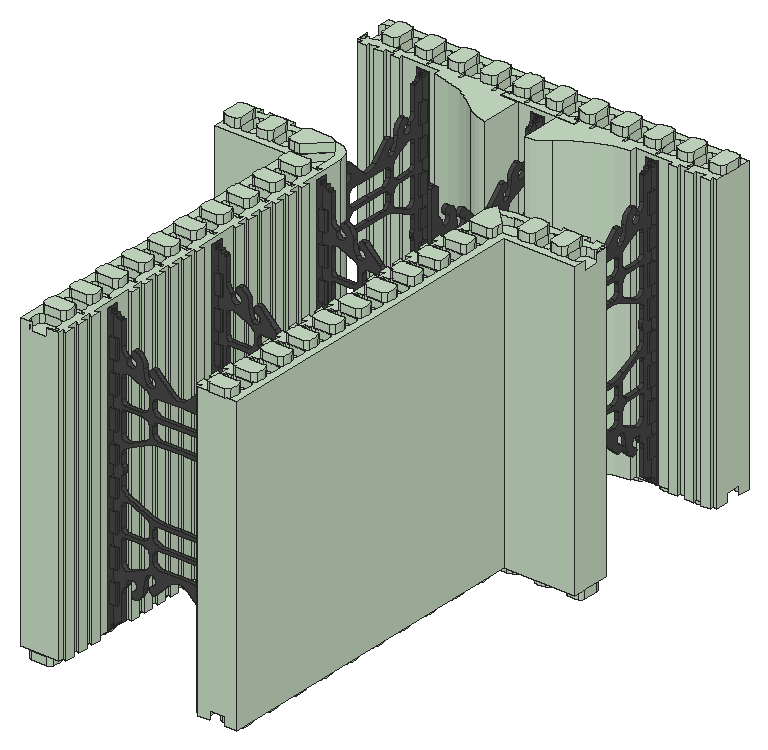
Revit family
Reference planes (in)
  plane 1 "Center (Front/Back)": y = -1
  plane 2: z = 0
  plane 3 "Center (Left/Right)": x = 1
  plane 4: y = 3
  plane 5: y = -5
  plane 6: x = 5
  plane 7: x = -3
  plane 8: z = 18
Forms (in)
  Extrusion 1, solid, material "NUDURA Expanded Polystyrene Foam Insulation"
    sketch origin (0, 0, 0) x (1, 0, 0) y (0, 1, 0)
      loop
        line (-10, 5.625) -> (-10, 3.25) -> (-9.71883, 3.25) -> (-9.78117, 3) -> (-9.21883, 3) -> (-9.28117, 3.25) -> (-8.71883, 3.25) -> (-8.78117, 3) -> (-8.21883, 3) -> (-8.28117, 3.25) -> (-7.71883, 3.25) -> (-7.78117, 3) -> (-7.21883, 3) -> (-7.28117, 3.25) -> (-5, 3.25) -> (-5, 2.875)
        arc (-5, 2.875) -> (-3.12304, 2.37468) -> (-1.50918, 1.29358) r 5.91797
        arc (-1.50918, 1.29358) -> (-0.91296, 0.90605) -> (-0.21883, 0.75162) r 2
        line (-0.21883, 0.75162) -> (-0.21883, 3.25) -> (-1.25, 3.25) -> (-1.25, 3.69867) -> (-1, 3.63633) -> (-1, 4.24332) -> (-1.25, 4.17633) -> (-1.25, 4.69867) -> (-1, 4.63633) -> (-1, 5.24332) -> (-1.25, 5.17633) -> (-1.25, 5.625) -> (-10, 5.625)
      loop
        line (12, 3.25) -> (12, 5.625) -> (3.25, 5.625) -> (3.25, 5.17633) -> (3, 5.24332) -> (3, 4.63633) -> (3.25, 4.69867) -> (3.25, 4.17633) -> (3, 4.24332) -> (3, 3.63633) -> (3.25, 3.69867) -> (3.25, 3.25) -> (2.21883, 3.25) -> (2.21883, 0.75162)
        arc (2.21883, 0.75162) -> (2.91296, 0.90605) -> (3.50918, 1.29358) r 2
        arc (3.50918, 1.29358) -> (5.12304, 2.37468) -> (7, 2.875) r 5.91797
        line (7, 2.875) -> (7, 3.25) -> (9.28117, 3.25) -> (9.21883, 3) -> (9.78117, 3) -> (9.71883, 3.25) -> (10.28117, 3.25) -> (10.21883, 3) -> (10.78117, 3) -> (10.71883, 3.25) -> (11.28117, 3.25) -> (11.21883, 3) -> (11.78117, 3) -> (11.71883, 3.25) -> (12, 3.25)
      loop
        line (-3.25, -27.99998) -> (-3.25, -27.71882) -> (-3, -27.78115) -> (-3, -27.21882) -> (-3.25, -27.28115) -> (-3.25, -26.71882) -> (-3, -26.78115) -> (-3, -26.21882) -> (-3.25, -26.28115) -> (-3.25, -25.71882) -> (-3, -25.78115) -> (-3, -25.21882) -> (-3.25, -25.28115) -> (-3.25, -22.71882) -> (-3, -22.78115) -> (-3, -22.21882) -> (-3.25, -22.28115) -> (-3.25, -21.71882) -> (-3, -21.78115) -> (-3, -21.21882) -> (-3.25, -21.28115) -> (-3.25, -20.71882) -> (-3, -20.78115) -> (-3, -20.21882) -> (-3.25, -20.28115) -> (-3.25, -19.71882) -> (-3, -19.78115) -> (-3, -19.21882) -> (-3.25, -19.28115) -> (-3.25, -18.71882) -> (-3, -18.78115) -> (-3, -18.21882) -> (-3.25, -18.28115) -> (-3.25, -17.71882) -> (-3, -17.78115) -> (-3, -17.21882) -> (-3.25, -17.28115) -> (-3.25, -14.71882) -> (-3, -14.78115) -> (-3, -14.21882) -> (-3.25, -14.28115) -> (-3.25, -13.71882) -> (-3, -13.78115) -> (-3, -13.21882) -> (-3.25, -13.28115) -> (-3.25, -12.71882) -> (-3, -12.78115) -> (-3, -12.21882) -> (-3.25, -12.28115) -> (-3.25, -11.71882) -> (-3, -11.78115) -> (-3, -11.21882) -> (-3.25, -11.28115) -> (-3.25, -10.71882) -> (-3, -10.78115) -> (-3, -10.21882) -> (-3.25, -10.28115) -> (-3.25, -9.71882) -> (-3, -9.78115) -> (-3, -9.21882) -> (-3.25, -9.28115) -> (-3.25, -6.49998)
        arc (-3.25, -6.49998) -> (-3.61612, -5.6161) -> (-4.5, -5.24998) r 1.25
        line (-4.5, -5.24998) -> (-7.28117, -5.24998) -> (-7.21883, -4.99998) -> (-7.78117, -4.99998) -> (-7.71883, -5.24998) -> (-8.28117, -5.24998) -> (-8.21883, -4.99998) -> (-8.78117, -4.99998) -> (-8.71883, -5.24998) -> (-9.28117, -5.24998) -> (-9.21883, -4.99998) -> (-9.78117, -4.99998) -> (-9.71883, -5.24998) -> (-10, -5.24998) -> (-10, -7.62498) -> (-5.625, -7.62498) -> (-5.625, -27.99998) -> (-3.25, -27.99998)
      loop
        line (5.25, -27.99998) -> (7.625, -27.99998) -> (7.625, -7.62498) -> (12, -7.62498) -> (12, -5.24998) -> (11.71883, -5.24998) -> (11.78117, -4.99998) -> (11.21883, -4.99998) -> (11.28117, -5.24998) -> (10.71883, -5.24998) -> (10.78117, -4.99998) -> (10.21883, -4.99998) -> (10.28117, -5.24998) -> (9.71883, -5.24998) -> (9.78117, -4.99998) -> (9.21883, -4.99998) -> (9.28117, -5.24998) -> (6.5, -5.24998)
        arc (6.5, -5.24998) -> (5.61612, -5.6161) -> (5.25, -6.49998) r 1.25
        line (5.25, -6.49998) -> (5.25, -9.28115) -> (5, -9.21882) -> (5, -9.78115) -> (5.25, -9.71882) -> (5.25, -10.28115) -> (5, -10.21882) -> (5, -10.78115) -> (5.25, -10.71882) -> (5.25, -11.28115) -> (5, -11.21882) -> (5, -11.78115) -> (5.25, -11.71882) -> (5.25, -12.28115) -> (5, -12.21882) -> (5, -12.78115) -> (5.25, -12.71882) -> (5.25, -13.28115) -> (5, -13.21882) -> (5, -13.78115) -> (5.25, -13.71882) -> (5.25, -14.28115) -> (5, -14.21882) -> (5, -14.78115) -> (5.25, -14.71882) -> (5.25, -17.28115) -> (5, -17.21882) -> (5, -17.78115) -> (5.25, -17.71882) -> (5.25, -18.28115) -> (5, -18.21882) -> (5, -18.78115) -> (5.25, -18.71882) -> (5.25, -19.28115) -> (5, -19.21882) -> (5, -19.78115) -> (5.25, -19.71882) -> (5.25, -20.28115) -> (5, -20.21882) -> (5, -20.78115) -> (5.25, -20.71882) -> (5.25, -21.28115) -> (5, -21.21882) -> (5, -21.78115) -> (5.25, -21.71882) -> (5.25, -22.28115) -> (5, -22.21882) -> (5, -22.78115) -> (5.25, -22.71882) -> (5.25, -25.28115) -> (5, -25.21882) -> (5, -25.78115) -> (5.25, -25.71882) -> (5.25, -26.28115) -> (5, -26.21882) -> (5, -26.78115) -> (5.25, -26.71882) -> (5.25, -27.28115) -> (5, -27.21882) -> (5, -27.78115) -> (5.25, -27.71882) -> (5.25, -27.99998)
    from 0 to 18
  Extrusion 2, void
    sketch origin (0, -2, 0) x (1, 0, 0) y (0, 1, 0)
      loop
        arc (-5.13595, -25.17306) -> (-5.1875, -25.49998) -> (-5.13595, -25.8269) r 1.0625
        arc (-5.13595, -25.8269) -> (-5.04517, -25.95213) -> (-4.89808, -25.99998) r 0.25
        line (-4.89808, -25.99998) -> (-3.97692, -25.99998)
        arc (-3.97692, -25.99998) -> (-3.88568, -25.98274) -> (-3.80702, -25.93338) r 0.25
        arc (-3.80702, -25.93338) -> (-3.78736, -25.92104) -> (-3.76455, -25.91673) r 0.0625
        line (-3.76455, -25.91673) -> (-3.41845, -25.91673) -> (-3.41845, -25.7459) -> (-3.64005, -25.7459)
        arc (-3.64005, -25.7459) -> (-3.68771, -25.72383) -> (-3.70172, -25.67321) r 0.0625
        arc (-3.70172, -25.67321) -> (-3.69045, -25.4209) -> (-3.73905, -25.17306) r 1.0625
        arc (-3.73905, -25.17306) -> (-3.82983, -25.04783) -> (-3.97692, -24.99998) r 0.25
        line (-3.97692, -24.99998) -> (-4.89808, -24.99998)
        arc (-4.89808, -24.99998) -> (-5.04517, -25.04783) -> (-5.13595, -25.17306) r 0.25
    from 18 to 17.5
  Extrusion 3, void
    sketch origin (0, 0, 0) x (1, 0, 0) y (0, 1, 0)
      loop
        arc (-5.13595, -25.17306) -> (-5.1875, -25.49998) -> (-5.13595, -25.8269) r 1.0625
        arc (-5.13595, -25.8269) -> (-5.04517, -25.95213) -> (-4.89808, -25.99998) r 0.25
        line (-4.89808, -25.99998) -> (-3.97692, -25.99998)
        arc (-3.97692, -25.99998) -> (-3.88568, -25.98274) -> (-3.80702, -25.93338) r 0.25
        arc (-3.80702, -25.93338) -> (-3.78736, -25.92104) -> (-3.76455, -25.91673) r 0.0625
        line (-3.76455, -25.91673) -> (-3.41845, -25.91673) -> (-3.41845, -25.7459) -> (-3.64005, -25.7459)
        arc (-3.64005, -25.7459) -> (-3.68771, -25.72383) -> (-3.70172, -25.67321) r 0.0625
        arc (-3.70172, -25.67321) -> (-3.69045, -25.4209) -> (-3.73905, -25.17306) r 1.0625
        arc (-3.73905, -25.17306) -> (-3.82983, -25.04783) -> (-3.97692, -24.99998) r 0.25
        line (-3.97692, -24.99998) -> (-4.89808, -24.99998)
        arc (-4.89808, -24.99998) -> (-5.04517, -25.04783) -> (-5.13595, -25.17306) r 0.25
    from 18 to 17.5
  Extrusion 4, void
    sketch origin (0, 2, 0) x (1, 0, 0) y (0, 1, 0)
      loop
        arc (-5.13595, -25.17306) -> (-5.1875, -25.49998) -> (-5.13595, -25.8269) r 1.0625
        arc (-5.13595, -25.8269) -> (-5.04517, -25.95213) -> (-4.89808, -25.99998) r 0.25
        line (-4.89808, -25.99998) -> (-3.97692, -25.99998)
        arc (-3.97692, -25.99998) -> (-3.88568, -25.98274) -> (-3.80702, -25.93338) r 0.25
        arc (-3.80702, -25.93338) -> (-3.78736, -25.92104) -> (-3.76455, -25.91673) r 0.0625
        line (-3.76455, -25.91673) -> (-3.41845, -25.91673) -> (-3.41845, -25.7459) -> (-3.64005, -25.7459)
        arc (-3.64005, -25.7459) -> (-3.68771, -25.72383) -> (-3.70172, -25.67321) r 0.0625
        arc (-3.70172, -25.67321) -> (-3.69045, -25.4209) -> (-3.73905, -25.17306) r 1.0625
        arc (-3.73905, -25.17306) -> (-3.82983, -25.04783) -> (-3.97692, -24.99998) r 0.25
        line (-3.97692, -24.99998) -> (-4.89808, -24.99998)
        arc (-4.89808, -24.99998) -> (-5.04517, -25.04783) -> (-5.13595, -25.17306) r 0.25
    from 18 to 17.5
  Extrusion 5, void
    sketch origin (0, 4, 0) x (1, 0, 0) y (0, 1, 0)
      loop
        arc (-5.13595, -25.17306) -> (-5.1875, -25.49998) -> (-5.13595, -25.8269) r 1.0625
        arc (-5.13595, -25.8269) -> (-5.04517, -25.95213) -> (-4.89808, -25.99998) r 0.25
        line (-4.89808, -25.99998) -> (-3.97692, -25.99998)
        arc (-3.97692, -25.99998) -> (-3.88568, -25.98274) -> (-3.80702, -25.93338) r 0.25
        arc (-3.80702, -25.93338) -> (-3.78736, -25.92104) -> (-3.76455, -25.91673) r 0.0625
        line (-3.76455, -25.91673) -> (-3.41845, -25.91673) -> (-3.41845, -25.7459) -> (-3.64005, -25.7459)
        arc (-3.64005, -25.7459) -> (-3.68771, -25.72383) -> (-3.70172, -25.67321) r 0.0625
        arc (-3.70172, -25.67321) -> (-3.69045, -25.4209) -> (-3.73905, -25.17306) r 1.0625
        arc (-3.73905, -25.17306) -> (-3.82983, -25.04783) -> (-3.97692, -24.99998) r 0.25
        line (-3.97692, -24.99998) -> (-4.89808, -24.99998)
        arc (-4.89808, -24.99998) -> (-5.04517, -25.04783) -> (-5.13595, -25.17306) r 0.25
    from 18 to 17.5
  Extrusion 6, void
    sketch origin (0, 6, 0) x (1, 0, 0) y (0, 1, 0)
      loop
        arc (-5.13595, -25.17306) -> (-5.1875, -25.49998) -> (-5.13595, -25.8269) r 1.0625
        arc (-5.13595, -25.8269) -> (-5.04517, -25.95213) -> (-4.89808, -25.99998) r 0.25
        line (-4.89808, -25.99998) -> (-3.97692, -25.99998)
        arc (-3.97692, -25.99998) -> (-3.88568, -25.98274) -> (-3.80702, -25.93338) r 0.25
        arc (-3.80702, -25.93338) -> (-3.78736, -25.92104) -> (-3.76455, -25.91673) r 0.0625
        line (-3.76455, -25.91673) -> (-3.41845, -25.91673) -> (-3.41845, -25.7459) -> (-3.64005, -25.7459)
        arc (-3.64005, -25.7459) -> (-3.68771, -25.72383) -> (-3.70172, -25.67321) r 0.0625
        arc (-3.70172, -25.67321) -> (-3.69045, -25.4209) -> (-3.73905, -25.17306) r 1.0625
        arc (-3.73905, -25.17306) -> (-3.82983, -25.04783) -> (-3.97692, -24.99998) r 0.25
        line (-3.97692, -24.99998) -> (-4.89808, -24.99998)
        arc (-4.89808, -24.99998) -> (-5.04517, -25.04783) -> (-5.13595, -25.17306) r 0.25
    from 18 to 17.5
  Extrusion 7, void
    sketch origin (0, 8, 0) x (1, 0, 0) y (0, 1, 0)
      loop
        arc (-5.13595, -25.17306) -> (-5.1875, -25.49998) -> (-5.13595, -25.8269) r 1.0625
        arc (-5.13595, -25.8269) -> (-5.04517, -25.95213) -> (-4.89808, -25.99998) r 0.25
        line (-4.89808, -25.99998) -> (-3.97692, -25.99998)
        arc (-3.97692, -25.99998) -> (-3.88568, -25.98274) -> (-3.80702, -25.93338) r 0.25
        arc (-3.80702, -25.93338) -> (-3.78736, -25.92104) -> (-3.76455, -25.91673) r 0.0625
        line (-3.76455, -25.91673) -> (-3.41845, -25.91673) -> (-3.41845, -25.7459) -> (-3.64005, -25.7459)
        arc (-3.64005, -25.7459) -> (-3.68771, -25.72383) -> (-3.70172, -25.67321) r 0.0625
        arc (-3.70172, -25.67321) -> (-3.69045, -25.4209) -> (-3.73905, -25.17306) r 1.0625
        arc (-3.73905, -25.17306) -> (-3.82983, -25.04783) -> (-3.97692, -24.99998) r 0.25
        line (-3.97692, -24.99998) -> (-4.89808, -24.99998)
        arc (-4.89808, -24.99998) -> (-5.04517, -25.04783) -> (-5.13595, -25.17306) r 0.25
    from 18 to 17.5
  Extrusion 8, void
    sketch origin (0, 10, 0) x (1, 0, 0) y (0, 1, 0)
      loop
        arc (-5.13595, -25.17306) -> (-5.1875, -25.49998) -> (-5.13595, -25.8269) r 1.0625
        arc (-5.13595, -25.8269) -> (-5.04517, -25.95213) -> (-4.89808, -25.99998) r 0.25
        line (-4.89808, -25.99998) -> (-3.97692, -25.99998)
        arc (-3.97692, -25.99998) -> (-3.88568, -25.98274) -> (-3.80702, -25.93338) r 0.25
        arc (-3.80702, -25.93338) -> (-3.78736, -25.92104) -> (-3.76455, -25.91673) r 0.0625
        line (-3.76455, -25.91673) -> (-3.41845, -25.91673) -> (-3.41845, -25.7459) -> (-3.64005, -25.7459)
        arc (-3.64005, -25.7459) -> (-3.68771, -25.72383) -> (-3.70172, -25.67321) r 0.0625
        arc (-3.70172, -25.67321) -> (-3.69045, -25.4209) -> (-3.73905, -25.17306) r 1.0625
        arc (-3.73905, -25.17306) -> (-3.82983, -25.04783) -> (-3.97692, -24.99998) r 0.25
        line (-3.97692, -24.99998) -> (-4.89808, -24.99998)
        arc (-4.89808, -24.99998) -> (-5.04517, -25.04783) -> (-5.13595, -25.17306) r 0.25
    from 18 to 17.5
  Extrusion 9, void
    sketch origin (0, 12, 0) x (1, 0, 0) y (0, 1, 0)
      loop
        arc (-5.13595, -25.17306) -> (-5.1875, -25.49998) -> (-5.13595, -25.8269) r 1.0625
        arc (-5.13595, -25.8269) -> (-5.04517, -25.95213) -> (-4.89808, -25.99998) r 0.25
        line (-4.89808, -25.99998) -> (-3.97692, -25.99998)
        arc (-3.97692, -25.99998) -> (-3.88568, -25.98274) -> (-3.80702, -25.93338) r 0.25
        arc (-3.80702, -25.93338) -> (-3.78736, -25.92104) -> (-3.76455, -25.91673) r 0.0625
        line (-3.76455, -25.91673) -> (-3.41845, -25.91673) -> (-3.41845, -25.7459) -> (-3.64005, -25.7459)
        arc (-3.64005, -25.7459) -> (-3.68771, -25.72383) -> (-3.70172, -25.67321) r 0.0625
        arc (-3.70172, -25.67321) -> (-3.69045, -25.4209) -> (-3.73905, -25.17306) r 1.0625
        arc (-3.73905, -25.17306) -> (-3.82983, -25.04783) -> (-3.97692, -24.99998) r 0.25
        line (-3.97692, -24.99998) -> (-4.89808, -24.99998)
        arc (-4.89808, -24.99998) -> (-5.04517, -25.04783) -> (-5.13595, -25.17306) r 0.25
    from 18 to 17.5
  Extrusion 10, void
    sketch origin (0, 14, 0) x (1, 0, 0) y (0, 1, 0)
      loop
        arc (-5.13595, -25.17306) -> (-5.1875, -25.49998) -> (-5.13595, -25.8269) r 1.0625
        arc (-5.13595, -25.8269) -> (-5.04517, -25.95213) -> (-4.89808, -25.99998) r 0.25
        line (-4.89808, -25.99998) -> (-3.97692, -25.99998)
        arc (-3.97692, -25.99998) -> (-3.88568, -25.98274) -> (-3.80702, -25.93338) r 0.25
        arc (-3.80702, -25.93338) -> (-3.78736, -25.92104) -> (-3.76455, -25.91673) r 0.0625
        line (-3.76455, -25.91673) -> (-3.41845, -25.91673) -> (-3.41845, -25.7459) -> (-3.64005, -25.7459)
        arc (-3.64005, -25.7459) -> (-3.68771, -25.72383) -> (-3.70172, -25.67321) r 0.0625
        arc (-3.70172, -25.67321) -> (-3.69045, -25.4209) -> (-3.73905, -25.17306) r 1.0625
        arc (-3.73905, -25.17306) -> (-3.82983, -25.04783) -> (-3.97692, -24.99998) r 0.25
        line (-3.97692, -24.99998) -> (-4.89808, -24.99998)
        arc (-4.89808, -24.99998) -> (-5.04517, -25.04783) -> (-5.13595, -25.17306) r 0.25
    from 18 to 17.5
  Extrusion 11, void
    sketch origin (0, 16, 0) x (1, 0, 0) y (0, 1, 0)
      loop
        arc (-5.13595, -25.17306) -> (-5.1875, -25.49998) -> (-5.13595, -25.8269) r 1.0625
        arc (-5.13595, -25.8269) -> (-5.04517, -25.95213) -> (-4.89808, -25.99998) r 0.25
        line (-4.89808, -25.99998) -> (-3.97692, -25.99998)
        arc (-3.97692, -25.99998) -> (-3.88568, -25.98274) -> (-3.80702, -25.93338) r 0.25
        arc (-3.80702, -25.93338) -> (-3.78736, -25.92104) -> (-3.76455, -25.91673) r 0.0625
        line (-3.76455, -25.91673) -> (-3.41845, -25.91673) -> (-3.41845, -25.7459) -> (-3.64005, -25.7459)
        arc (-3.64005, -25.7459) -> (-3.68771, -25.72383) -> (-3.70172, -25.67321) r 0.0625
        arc (-3.70172, -25.67321) -> (-3.69045, -25.4209) -> (-3.73905, -25.17306) r 1.0625
        arc (-3.73905, -25.17306) -> (-3.82983, -25.04783) -> (-3.97692, -24.99998) r 0.25
        line (-3.97692, -24.99998) -> (-4.89808, -24.99998)
        arc (-4.89808, -24.99998) -> (-5.04517, -25.04783) -> (-5.13595, -25.17306) r 0.25
    from 18 to 17.5
  Extrusion 12, void
    sketch origin (0, -2, 0) x (1, 0, 0) y (0, 1, 0)
      loop
        line (-5.1875, -5.18748) -> (-5.1875, -5.49998)
        arc (-5.1875, -5.49998) -> (-5.17453, -5.66546) -> (-5.13595, -5.8269) r 1.0625
        arc (-5.13595, -5.8269) -> (-5.04517, -5.95213) -> (-4.89808, -5.99998) r 0.25
        line (-4.89808, -5.99998) -> (-3.97692, -5.99998)
        arc (-3.97692, -5.99998) -> (-3.88568, -5.98274) -> (-3.80702, -5.93338) r 0.25
        arc (-3.80702, -5.93338) -> (-3.78736, -5.92104) -> (-3.76455, -5.91673) r 0.0625
        line (-3.76455, -5.91673) -> (-3.41845, -5.91673) -> (-3.41845, -5.7459) -> (-3.64005, -5.7459)
        arc (-3.64005, -5.7459) -> (-3.68771, -5.72383) -> (-3.70172, -5.67321) r 0.0625
        arc (-3.70172, -5.67321) -> (-3.69106, -5.58689) -> (-3.6875, -5.49998) r 1.0625
        line (-3.6875, -5.49998) -> (-3.6875, -4.68748)
        arc (-3.6875, -4.68748) -> (-3.76362, -4.3048) -> (-3.98039, -3.98037) r 1
        line (-3.98039, -3.98037) -> (-5.1875, -5.18748)
    from 18 to 17.5
  Extrusion 13, void
    sketch origin (-31.99998, -1.99998, 0) x (0, 1, 0) y (-1, 0, 0)
      loop
        arc (-5.13595, -25.17306) -> (-5.1875, -25.49998) -> (-5.13595, -25.8269) r 1.0625
        arc (-5.13595, -25.8269) -> (-5.04517, -25.95213) -> (-4.89808, -25.99998) r 0.25
        line (-4.89808, -25.99998) -> (-3.97692, -25.99998)
        arc (-3.97692, -25.99998) -> (-3.88568, -25.98274) -> (-3.80702, -25.93338) r 0.25
        arc (-3.80702, -25.93338) -> (-3.78736, -25.92104) -> (-3.76455, -25.91673) r 0.0625
        line (-3.76455, -25.91673) -> (-3.41845, -25.91673) -> (-3.41845, -25.7459) -> (-3.64005, -25.7459)
        arc (-3.64005, -25.7459) -> (-3.68771, -25.72383) -> (-3.70172, -25.67321) r 0.0625
        arc (-3.70172, -25.67321) -> (-3.69045, -25.4209) -> (-3.73905, -25.17306) r 1.0625
        arc (-3.73905, -25.17306) -> (-3.82983, -25.04783) -> (-3.97692, -24.99998) r 0.25
        line (-3.97692, -24.99998) -> (-4.89808, -24.99998)
        arc (-4.89808, -24.99998) -> (-5.04517, -25.04783) -> (-5.13595, -25.17306) r 0.25
    from 18 to 17.5
  Extrusion 14, void
    sketch origin (-33.99998, -1.99998, 0) x (0, 1, 0) y (-1, 0, 0)
      loop
        arc (-5.13595, -25.17306) -> (-5.1875, -25.49998) -> (-5.13595, -25.8269) r 1.0625
        arc (-5.13595, -25.8269) -> (-5.04517, -25.95213) -> (-4.89808, -25.99998) r 0.25
        line (-4.89808, -25.99998) -> (-3.97692, -25.99998)
        arc (-3.97692, -25.99998) -> (-3.88568, -25.98274) -> (-3.80702, -25.93338) r 0.25
        arc (-3.80702, -25.93338) -> (-3.78736, -25.92104) -> (-3.76455, -25.91673) r 0.0625
        line (-3.76455, -25.91673) -> (-3.41845, -25.91673) -> (-3.41845, -25.7459) -> (-3.64005, -25.7459)
        arc (-3.64005, -25.7459) -> (-3.68771, -25.72383) -> (-3.70172, -25.67321) r 0.0625
        arc (-3.70172, -25.67321) -> (-3.69045, -25.4209) -> (-3.73905, -25.17306) r 1.0625
        arc (-3.73905, -25.17306) -> (-3.82983, -25.04783) -> (-3.97692, -24.99998) r 0.25
        line (-3.97692, -24.99998) -> (-4.89808, -24.99998)
        arc (-4.89808, -24.99998) -> (-5.04517, -25.04783) -> (-5.13595, -25.17306) r 0.25
    from 18 to 17.5
  Extrusion 15, void
    sketch origin (0, -51.99996, 0) x (1, 0, 0) y (0, 1, 0)
      loop
        arc (-5.13595, 25.17306) -> (-5.04517, 25.04783) -> (-4.89808, 24.99998) r 0.25
        line (-4.89808, 24.99998) -> (-3.97692, 24.99998)
        arc (-3.97692, 24.99998) -> (-3.82983, 25.04783) -> (-3.73905, 25.17306) r 0.25
        arc (-3.73905, 25.17306) -> (-3.69045, 25.4209) -> (-3.70172, 25.67321) r 1.0625
        arc (-3.70172, 25.67321) -> (-3.68771, 25.72383) -> (-3.64005, 25.7459) r 0.0625
        line (-3.64005, 25.7459) -> (-3.41845, 25.7459) -> (-3.41845, 25.91673) -> (-3.76455, 25.91673)
        arc (-3.76455, 25.91673) -> (-3.78736, 25.92104) -> (-3.80702, 25.93338) r 0.0625
        arc (-3.80702, 25.93338) -> (-3.88568, 25.98274) -> (-3.97692, 25.99998) r 0.25
        line (-3.97692, 25.99998) -> (-4.89808, 25.99998)
        arc (-4.89808, 25.99998) -> (-5.04517, 25.95213) -> (-5.13595, 25.8269) r 0.25
        arc (-5.13595, 25.8269) -> (-5.1875, 25.49998) -> (-5.13595, 25.17306) r 1.0625
    from 0 to 0.5
  Extrusion 16, void
    sketch origin (0, -49.99996, 0) x (1, 0, 0) y (0, 1, 0)
      loop
        arc (-5.13595, 25.17306) -> (-5.04517, 25.04783) -> (-4.89808, 24.99998) r 0.25
        line (-4.89808, 24.99998) -> (-3.97692, 24.99998)
        arc (-3.97692, 24.99998) -> (-3.82983, 25.04783) -> (-3.73905, 25.17306) r 0.25
        arc (-3.73905, 25.17306) -> (-3.69045, 25.4209) -> (-3.70172, 25.67321) r 1.0625
        arc (-3.70172, 25.67321) -> (-3.68771, 25.72383) -> (-3.64005, 25.7459) r 0.0625
        line (-3.64005, 25.7459) -> (-3.41845, 25.7459) -> (-3.41845, 25.91673) -> (-3.76455, 25.91673)
        arc (-3.76455, 25.91673) -> (-3.78736, 25.92104) -> (-3.80702, 25.93338) r 0.0625
        arc (-3.80702, 25.93338) -> (-3.88568, 25.98274) -> (-3.97692, 25.99998) r 0.25
        line (-3.97692, 25.99998) -> (-4.89808, 25.99998)
        arc (-4.89808, 25.99998) -> (-5.04517, 25.95213) -> (-5.13595, 25.8269) r 0.25
        arc (-5.13595, 25.8269) -> (-5.1875, 25.49998) -> (-5.13595, 25.17306) r 1.0625
    from 0 to 0.5
  Extrusion 17, void
    sketch origin (0, -47.99996, 0) x (1, 0, 0) y (0, 1, 0)
      loop
        arc (-5.13595, 25.17306) -> (-5.04517, 25.04783) -> (-4.89808, 24.99998) r 0.25
        line (-4.89808, 24.99998) -> (-3.97692, 24.99998)
        arc (-3.97692, 24.99998) -> (-3.82983, 25.04783) -> (-3.73905, 25.17306) r 0.25
        arc (-3.73905, 25.17306) -> (-3.69045, 25.4209) -> (-3.70172, 25.67321) r 1.0625
        arc (-3.70172, 25.67321) -> (-3.68771, 25.72383) -> (-3.64005, 25.7459) r 0.0625
        line (-3.64005, 25.7459) -> (-3.41845, 25.7459) -> (-3.41845, 25.91673) -> (-3.76455, 25.91673)
        arc (-3.76455, 25.91673) -> (-3.78736, 25.92104) -> (-3.80702, 25.93338) r 0.0625
        arc (-3.80702, 25.93338) -> (-3.88568, 25.98274) -> (-3.97692, 25.99998) r 0.25
        line (-3.97692, 25.99998) -> (-4.89808, 25.99998)
        arc (-4.89808, 25.99998) -> (-5.04517, 25.95213) -> (-5.13595, 25.8269) r 0.25
        arc (-5.13595, 25.8269) -> (-5.1875, 25.49998) -> (-5.13595, 25.17306) r 1.0625
    from 0 to 0.5
  Extrusion 18, void
    sketch origin (0, -45.99996, 0) x (1, 0, 0) y (0, 1, 0)
      loop
        arc (-5.13595, 25.17306) -> (-5.04517, 25.04783) -> (-4.89808, 24.99998) r 0.25
        line (-4.89808, 24.99998) -> (-3.97692, 24.99998)
        arc (-3.97692, 24.99998) -> (-3.82983, 25.04783) -> (-3.73905, 25.17306) r 0.25
        arc (-3.73905, 25.17306) -> (-3.69045, 25.4209) -> (-3.70172, 25.67321) r 1.0625
        arc (-3.70172, 25.67321) -> (-3.68771, 25.72383) -> (-3.64005, 25.7459) r 0.0625
        line (-3.64005, 25.7459) -> (-3.41845, 25.7459) -> (-3.41845, 25.91673) -> (-3.76455, 25.91673)
        arc (-3.76455, 25.91673) -> (-3.78736, 25.92104) -> (-3.80702, 25.93338) r 0.0625
        arc (-3.80702, 25.93338) -> (-3.88568, 25.98274) -> (-3.97692, 25.99998) r 0.25
        line (-3.97692, 25.99998) -> (-4.89808, 25.99998)
        arc (-4.89808, 25.99998) -> (-5.04517, 25.95213) -> (-5.13595, 25.8269) r 0.25
        arc (-5.13595, 25.8269) -> (-5.1875, 25.49998) -> (-5.13595, 25.17306) r 1.0625
    from 0 to 0.5
  Extrusion 19, void
    sketch origin (0, -43.99996, 0) x (1, 0, 0) y (0, 1, 0)
      loop
        arc (-5.13595, 25.17306) -> (-5.04517, 25.04783) -> (-4.89808, 24.99998) r 0.25
        line (-4.89808, 24.99998) -> (-3.97692, 24.99998)
        arc (-3.97692, 24.99998) -> (-3.82983, 25.04783) -> (-3.73905, 25.17306) r 0.25
        arc (-3.73905, 25.17306) -> (-3.69045, 25.4209) -> (-3.70172, 25.67321) r 1.0625
        arc (-3.70172, 25.67321) -> (-3.68771, 25.72383) -> (-3.64005, 25.7459) r 0.0625
        line (-3.64005, 25.7459) -> (-3.41845, 25.7459) -> (-3.41845, 25.91673) -> (-3.76455, 25.91673)
        arc (-3.76455, 25.91673) -> (-3.78736, 25.92104) -> (-3.80702, 25.93338) r 0.0625
        arc (-3.80702, 25.93338) -> (-3.88568, 25.98274) -> (-3.97692, 25.99998) r 0.25
        line (-3.97692, 25.99998) -> (-4.89808, 25.99998)
        arc (-4.89808, 25.99998) -> (-5.04517, 25.95213) -> (-5.13595, 25.8269) r 0.25
        arc (-5.13595, 25.8269) -> (-5.1875, 25.49998) -> (-5.13595, 25.17306) r 1.0625
    from 0 to 0.5
  Extrusion 20, void
    sketch origin (0, -41.99996, 0) x (1, 0, 0) y (0, 1, 0)
      loop
        arc (-5.13595, 25.17306) -> (-5.04517, 25.04783) -> (-4.89808, 24.99998) r 0.25
        line (-4.89808, 24.99998) -> (-3.97692, 24.99998)
        arc (-3.97692, 24.99998) -> (-3.82983, 25.04783) -> (-3.73905, 25.17306) r 0.25
        arc (-3.73905, 25.17306) -> (-3.69045, 25.4209) -> (-3.70172, 25.67321) r 1.0625
        arc (-3.70172, 25.67321) -> (-3.68771, 25.72383) -> (-3.64005, 25.7459) r 0.0625
        line (-3.64005, 25.7459) -> (-3.41845, 25.7459) -> (-3.41845, 25.91673) -> (-3.76455, 25.91673)
        arc (-3.76455, 25.91673) -> (-3.78736, 25.92104) -> (-3.80702, 25.93338) r 0.0625
        arc (-3.80702, 25.93338) -> (-3.88568, 25.98274) -> (-3.97692, 25.99998) r 0.25
        line (-3.97692, 25.99998) -> (-4.89808, 25.99998)
        arc (-4.89808, 25.99998) -> (-5.04517, 25.95213) -> (-5.13595, 25.8269) r 0.25
        arc (-5.13595, 25.8269) -> (-5.1875, 25.49998) -> (-5.13595, 25.17306) r 1.0625
    from 0 to 0.5
  Extrusion 21, void
    sketch origin (0, -39.99996, 0) x (1, 0, 0) y (0, 1, 0)
      loop
        arc (-5.13595, 25.17306) -> (-5.04517, 25.04783) -> (-4.89808, 24.99998) r 0.25
        line (-4.89808, 24.99998) -> (-3.97692, 24.99998)
        arc (-3.97692, 24.99998) -> (-3.82983, 25.04783) -> (-3.73905, 25.17306) r 0.25
        arc (-3.73905, 25.17306) -> (-3.69045, 25.4209) -> (-3.70172, 25.67321) r 1.0625
        arc (-3.70172, 25.67321) -> (-3.68771, 25.72383) -> (-3.64005, 25.7459) r 0.0625
        line (-3.64005, 25.7459) -> (-3.41845, 25.7459) -> (-3.41845, 25.91673) -> (-3.76455, 25.91673)
        arc (-3.76455, 25.91673) -> (-3.78736, 25.92104) -> (-3.80702, 25.93338) r 0.0625
        arc (-3.80702, 25.93338) -> (-3.88568, 25.98274) -> (-3.97692, 25.99998) r 0.25
        line (-3.97692, 25.99998) -> (-4.89808, 25.99998)
        arc (-4.89808, 25.99998) -> (-5.04517, 25.95213) -> (-5.13595, 25.8269) r 0.25
        arc (-5.13595, 25.8269) -> (-5.1875, 25.49998) -> (-5.13595, 25.17306) r 1.0625
    from 0 to 0.5
  Extrusion 22, void
    sketch origin (0, -37.99996, 0) x (1, 0, 0) y (0, 1, 0)
      loop
        arc (-5.13595, 25.17306) -> (-5.04517, 25.04783) -> (-4.89808, 24.99998) r 0.25
        line (-4.89808, 24.99998) -> (-3.97692, 24.99998)
        arc (-3.97692, 24.99998) -> (-3.82983, 25.04783) -> (-3.73905, 25.17306) r 0.25
        arc (-3.73905, 25.17306) -> (-3.69045, 25.4209) -> (-3.70172, 25.67321) r 1.0625
        arc (-3.70172, 25.67321) -> (-3.68771, 25.72383) -> (-3.64005, 25.7459) r 0.0625
        line (-3.64005, 25.7459) -> (-3.41845, 25.7459) -> (-3.41845, 25.91673) -> (-3.76455, 25.91673)
        arc (-3.76455, 25.91673) -> (-3.78736, 25.92104) -> (-3.80702, 25.93338) r 0.0625
        arc (-3.80702, 25.93338) -> (-3.88568, 25.98274) -> (-3.97692, 25.99998) r 0.25
        line (-3.97692, 25.99998) -> (-4.89808, 25.99998)
        arc (-4.89808, 25.99998) -> (-5.04517, 25.95213) -> (-5.13595, 25.8269) r 0.25
        arc (-5.13595, 25.8269) -> (-5.1875, 25.49998) -> (-5.13595, 25.17306) r 1.0625
    from 0 to 0.5
  Extrusion 23, void
    sketch origin (0, -35.99996, 0) x (1, 0, 0) y (0, 1, 0)
      loop
        arc (-5.13595, 25.17306) -> (-5.04517, 25.04783) -> (-4.89808, 24.99998) r 0.25
        line (-4.89808, 24.99998) -> (-3.97692, 24.99998)
        arc (-3.97692, 24.99998) -> (-3.82983, 25.04783) -> (-3.73905, 25.17306) r 0.25
        arc (-3.73905, 25.17306) -> (-3.69045, 25.4209) -> (-3.70172, 25.67321) r 1.0625
        arc (-3.70172, 25.67321) -> (-3.68771, 25.72383) -> (-3.64005, 25.7459) r 0.0625
        line (-3.64005, 25.7459) -> (-3.41845, 25.7459) -> (-3.41845, 25.91673) -> (-3.76455, 25.91673)
        arc (-3.76455, 25.91673) -> (-3.78736, 25.92104) -> (-3.80702, 25.93338) r 0.0625
        arc (-3.80702, 25.93338) -> (-3.88568, 25.98274) -> (-3.97692, 25.99998) r 0.25
        line (-3.97692, 25.99998) -> (-4.89808, 25.99998)
        arc (-4.89808, 25.99998) -> (-5.04517, 25.95213) -> (-5.13595, 25.8269) r 0.25
        arc (-5.13595, 25.8269) -> (-5.1875, 25.49998) -> (-5.13595, 25.17306) r 1.0625
    from 0 to 0.5
  Extrusion 24, void
    sketch origin (0, -33.99996, 0) x (1, 0, 0) y (0, 1, 0)
      loop
        arc (-5.13595, 25.17306) -> (-5.04517, 25.04783) -> (-4.89808, 24.99998) r 0.25
        line (-4.89808, 24.99998) -> (-3.97692, 24.99998)
        arc (-3.97692, 24.99998) -> (-3.82983, 25.04783) -> (-3.73905, 25.17306) r 0.25
        arc (-3.73905, 25.17306) -> (-3.69045, 25.4209) -> (-3.70172, 25.67321) r 1.0625
        arc (-3.70172, 25.67321) -> (-3.68771, 25.72383) -> (-3.64005, 25.7459) r 0.0625
        line (-3.64005, 25.7459) -> (-3.41845, 25.7459) -> (-3.41845, 25.91673) -> (-3.76455, 25.91673)
        arc (-3.76455, 25.91673) -> (-3.78736, 25.92104) -> (-3.80702, 25.93338) r 0.0625
        arc (-3.80702, 25.93338) -> (-3.88568, 25.98274) -> (-3.97692, 25.99998) r 0.25
        line (-3.97692, 25.99998) -> (-4.89808, 25.99998)
        arc (-4.89808, 25.99998) -> (-5.04517, 25.95213) -> (-5.13595, 25.8269) r 0.25
        arc (-5.13595, 25.8269) -> (-5.1875, 25.49998) -> (-5.13595, 25.17306) r 1.0625
    from 0 to 0.5
  Extrusion 25, void
    sketch origin (-0.00002, -1.99998, 0) x (0, 1, 0) y (-1, 0, 0)
      loop
        line (-5.1875, 5.18748) -> (-3.98039, 3.98037)
        arc (-3.98039, 3.98037) -> (-3.76362, 4.3048) -> (-3.6875, 4.68748) r 1
        line (-3.6875, 4.68748) -> (-3.6875, 5.49998)
        arc (-3.6875, 5.49998) -> (-3.69106, 5.58689) -> (-3.70172, 5.67321) r 1.0625
        arc (-3.70172, 5.67321) -> (-3.68771, 5.72383) -> (-3.64005, 5.7459) r 0.0625
        line (-3.64005, 5.7459) -> (-3.41845, 5.7459) -> (-3.41845, 5.91673) -> (-3.76455, 5.91673)
        arc (-3.76455, 5.91673) -> (-3.78736, 5.92104) -> (-3.80702, 5.93338) r 0.0625
        arc (-3.80702, 5.93338) -> (-3.88568, 5.98274) -> (-3.97692, 5.99998) r 0.25
        line (-3.97692, 5.99998) -> (-4.89808, 5.99998)
        arc (-4.89808, 5.99998) -> (-5.04517, 5.95213) -> (-5.13595, 5.8269) r 0.25
        arc (-5.13595, 5.8269) -> (-5.17453, 5.66546) -> (-5.1875, 5.49998) r 1.0625
        line (-5.1875, 5.49998) -> (-5.1875, 5.18748)
    from 0 to 0.5
  Extrusion 26, void
    sketch origin (17.99998, -1.99998, 0) x (0, 1, 0) y (-1, 0, 0)
      loop
        arc (-5.13595, 25.17306) -> (-5.04517, 25.04783) -> (-4.89808, 24.99998) r 0.25
        line (-4.89808, 24.99998) -> (-3.97692, 24.99998)
        arc (-3.97692, 24.99998) -> (-3.82983, 25.04783) -> (-3.73905, 25.17306) r 0.25
        arc (-3.73905, 25.17306) -> (-3.69045, 25.4209) -> (-3.70172, 25.67321) r 1.0625
        arc (-3.70172, 25.67321) -> (-3.68771, 25.72383) -> (-3.64005, 25.7459) r 0.0625
        line (-3.64005, 25.7459) -> (-3.41845, 25.7459) -> (-3.41845, 25.91673) -> (-3.76455, 25.91673)
        arc (-3.76455, 25.91673) -> (-3.78736, 25.92104) -> (-3.80702, 25.93338) r 0.0625
        arc (-3.80702, 25.93338) -> (-3.88568, 25.98274) -> (-3.97692, 25.99998) r 0.25
        line (-3.97692, 25.99998) -> (-4.89808, 25.99998)
        arc (-4.89808, 25.99998) -> (-5.04517, 25.95213) -> (-5.13595, 25.8269) r 0.25
        arc (-5.13595, 25.8269) -> (-5.1875, 25.49998) -> (-5.13595, 25.17306) r 1.0625
    from 0 to 0.5
  Extrusion 27, void
    sketch origin (15.99998, -1.99998, 0) x (0, 1, 0) y (-1, 0, 0)
      loop
        arc (-5.13595, 25.17306) -> (-5.04517, 25.04783) -> (-4.89808, 24.99998) r 0.25
        line (-4.89808, 24.99998) -> (-3.97692, 24.99998)
        arc (-3.97692, 24.99998) -> (-3.82983, 25.04783) -> (-3.73905, 25.17306) r 0.25
        arc (-3.73905, 25.17306) -> (-3.69045, 25.4209) -> (-3.70172, 25.67321) r 1.0625
        arc (-3.70172, 25.67321) -> (-3.68771, 25.72383) -> (-3.64005, 25.7459) r 0.0625
        line (-3.64005, 25.7459) -> (-3.41845, 25.7459) -> (-3.41845, 25.91673) -> (-3.76455, 25.91673)
        arc (-3.76455, 25.91673) -> (-3.78736, 25.92104) -> (-3.80702, 25.93338) r 0.0625
        arc (-3.80702, 25.93338) -> (-3.88568, 25.98274) -> (-3.97692, 25.99998) r 0.25
        line (-3.97692, 25.99998) -> (-4.89808, 25.99998)
        arc (-4.89808, 25.99998) -> (-5.04517, 25.95213) -> (-5.13595, 25.8269) r 0.25
        arc (-5.13595, 25.8269) -> (-5.1875, 25.49998) -> (-5.13595, 25.17306) r 1.0625
    from 0 to 0.5
  Extrusion 28, void
    sketch origin (2, -51.99996, 0) x (-1, 0, 0) y (0, -1, 0)
      loop
        arc (-5.13595, -25.17306) -> (-5.1875, -25.49998) -> (-5.13595, -25.8269) r 1.0625
        arc (-5.13595, -25.8269) -> (-5.04517, -25.95213) -> (-4.89808, -25.99998) r 0.25
        line (-4.89808, -25.99998) -> (-3.97692, -25.99998)
        arc (-3.97692, -25.99998) -> (-3.88568, -25.98274) -> (-3.80702, -25.93338) r 0.25
        arc (-3.80702, -25.93338) -> (-3.78736, -25.92104) -> (-3.76455, -25.91673) r 0.0625
        line (-3.76455, -25.91673) -> (-3.41845, -25.91673) -> (-3.41845, -25.7459) -> (-3.64005, -25.7459)
        arc (-3.64005, -25.7459) -> (-3.68771, -25.72383) -> (-3.70172, -25.67321) r 0.0625
        arc (-3.70172, -25.67321) -> (-3.69045, -25.4209) -> (-3.73905, -25.17306) r 1.0625
        arc (-3.73905, -25.17306) -> (-3.82983, -25.04783) -> (-3.97692, -24.99998) r 0.25
        line (-3.97692, -24.99998) -> (-4.89808, -24.99998)
        arc (-4.89808, -24.99998) -> (-5.04517, -25.04783) -> (-5.13595, -25.17306) r 0.25
    from 18 to 17.5
  Extrusion 29, void
    sketch origin (2, -49.99996, 0) x (-1, 0, 0) y (0, -1, 0)
      loop
        arc (-5.13595, -25.17306) -> (-5.1875, -25.49998) -> (-5.13595, -25.8269) r 1.0625
        arc (-5.13595, -25.8269) -> (-5.04517, -25.95213) -> (-4.89808, -25.99998) r 0.25
        line (-4.89808, -25.99998) -> (-3.97692, -25.99998)
        arc (-3.97692, -25.99998) -> (-3.88568, -25.98274) -> (-3.80702, -25.93338) r 0.25
        arc (-3.80702, -25.93338) -> (-3.78736, -25.92104) -> (-3.76455, -25.91673) r 0.0625
        line (-3.76455, -25.91673) -> (-3.41845, -25.91673) -> (-3.41845, -25.7459) -> (-3.64005, -25.7459)
        arc (-3.64005, -25.7459) -> (-3.68771, -25.72383) -> (-3.70172, -25.67321) r 0.0625
        arc (-3.70172, -25.67321) -> (-3.69045, -25.4209) -> (-3.73905, -25.17306) r 1.0625
        arc (-3.73905, -25.17306) -> (-3.82983, -25.04783) -> (-3.97692, -24.99998) r 0.25
        line (-3.97692, -24.99998) -> (-4.89808, -24.99998)
        arc (-4.89808, -24.99998) -> (-5.04517, -25.04783) -> (-5.13595, -25.17306) r 0.25
    from 18 to 17.5
  Extrusion 30, void
    sketch origin (2, -47.99996, 0) x (-1, 0, 0) y (0, -1, 0)
      loop
        arc (-5.13595, -25.17306) -> (-5.1875, -25.49998) -> (-5.13595, -25.8269) r 1.0625
        arc (-5.13595, -25.8269) -> (-5.04517, -25.95213) -> (-4.89808, -25.99998) r 0.25
        line (-4.89808, -25.99998) -> (-3.97692, -25.99998)
        arc (-3.97692, -25.99998) -> (-3.88568, -25.98274) -> (-3.80702, -25.93338) r 0.25
        arc (-3.80702, -25.93338) -> (-3.78736, -25.92104) -> (-3.76455, -25.91673) r 0.0625
        line (-3.76455, -25.91673) -> (-3.41845, -25.91673) -> (-3.41845, -25.7459) -> (-3.64005, -25.7459)
        arc (-3.64005, -25.7459) -> (-3.68771, -25.72383) -> (-3.70172, -25.67321) r 0.0625
        arc (-3.70172, -25.67321) -> (-3.69045, -25.4209) -> (-3.73905, -25.17306) r 1.0625
        arc (-3.73905, -25.17306) -> (-3.82983, -25.04783) -> (-3.97692, -24.99998) r 0.25
        line (-3.97692, -24.99998) -> (-4.89808, -24.99998)
        arc (-4.89808, -24.99998) -> (-5.04517, -25.04783) -> (-5.13595, -25.17306) r 0.25
    from 18 to 17.5
  Extrusion 31, void
    sketch origin (2, -45.99996, 0) x (-1, 0, 0) y (0, -1, 0)
      loop
        arc (-5.13595, -25.17306) -> (-5.1875, -25.49998) -> (-5.13595, -25.8269) r 1.0625
        arc (-5.13595, -25.8269) -> (-5.04517, -25.95213) -> (-4.89808, -25.99998) r 0.25
        line (-4.89808, -25.99998) -> (-3.97692, -25.99998)
        arc (-3.97692, -25.99998) -> (-3.88568, -25.98274) -> (-3.80702, -25.93338) r 0.25
        arc (-3.80702, -25.93338) -> (-3.78736, -25.92104) -> (-3.76455, -25.91673) r 0.0625
        line (-3.76455, -25.91673) -> (-3.41845, -25.91673) -> (-3.41845, -25.7459) -> (-3.64005, -25.7459)
        arc (-3.64005, -25.7459) -> (-3.68771, -25.72383) -> (-3.70172, -25.67321) r 0.0625
        arc (-3.70172, -25.67321) -> (-3.69045, -25.4209) -> (-3.73905, -25.17306) r 1.0625
        arc (-3.73905, -25.17306) -> (-3.82983, -25.04783) -> (-3.97692, -24.99998) r 0.25
        line (-3.97692, -24.99998) -> (-4.89808, -24.99998)
        arc (-4.89808, -24.99998) -> (-5.04517, -25.04783) -> (-5.13595, -25.17306) r 0.25
    from 18 to 17.5
  Extrusion 32, void
    sketch origin (2, -43.99996, 0) x (-1, 0, 0) y (0, -1, 0)
      loop
        arc (-5.13595, -25.17306) -> (-5.1875, -25.49998) -> (-5.13595, -25.8269) r 1.0625
        arc (-5.13595, -25.8269) -> (-5.04517, -25.95213) -> (-4.89808, -25.99998) r 0.25
        line (-4.89808, -25.99998) -> (-3.97692, -25.99998)
        arc (-3.97692, -25.99998) -> (-3.88568, -25.98274) -> (-3.80702, -25.93338) r 0.25
        arc (-3.80702, -25.93338) -> (-3.78736, -25.92104) -> (-3.76455, -25.91673) r 0.0625
        line (-3.76455, -25.91673) -> (-3.41845, -25.91673) -> (-3.41845, -25.7459) -> (-3.64005, -25.7459)
        arc (-3.64005, -25.7459) -> (-3.68771, -25.72383) -> (-3.70172, -25.67321) r 0.0625
        arc (-3.70172, -25.67321) -> (-3.69045, -25.4209) -> (-3.73905, -25.17306) r 1.0625
        arc (-3.73905, -25.17306) -> (-3.82983, -25.04783) -> (-3.97692, -24.99998) r 0.25
        line (-3.97692, -24.99998) -> (-4.89808, -24.99998)
        arc (-4.89808, -24.99998) -> (-5.04517, -25.04783) -> (-5.13595, -25.17306) r 0.25
    from 18 to 17.5
  Extrusion 33, void
    sketch origin (2, -41.99996, 0) x (-1, 0, 0) y (0, -1, 0)
      loop
        arc (-5.13595, -25.17306) -> (-5.1875, -25.49998) -> (-5.13595, -25.8269) r 1.0625
        arc (-5.13595, -25.8269) -> (-5.04517, -25.95213) -> (-4.89808, -25.99998) r 0.25
        line (-4.89808, -25.99998) -> (-3.97692, -25.99998)
        arc (-3.97692, -25.99998) -> (-3.88568, -25.98274) -> (-3.80702, -25.93338) r 0.25
        arc (-3.80702, -25.93338) -> (-3.78736, -25.92104) -> (-3.76455, -25.91673) r 0.0625
        line (-3.76455, -25.91673) -> (-3.41845, -25.91673) -> (-3.41845, -25.7459) -> (-3.64005, -25.7459)
        arc (-3.64005, -25.7459) -> (-3.68771, -25.72383) -> (-3.70172, -25.67321) r 0.0625
        arc (-3.70172, -25.67321) -> (-3.69045, -25.4209) -> (-3.73905, -25.17306) r 1.0625
        arc (-3.73905, -25.17306) -> (-3.82983, -25.04783) -> (-3.97692, -24.99998) r 0.25
        line (-3.97692, -24.99998) -> (-4.89808, -24.99998)
        arc (-4.89808, -24.99998) -> (-5.04517, -25.04783) -> (-5.13595, -25.17306) r 0.25
    from 18 to 17.5
  Extrusion 34, void
    sketch origin (2, -39.99996, 0) x (-1, 0, 0) y (0, -1, 0)
      loop
        arc (-5.13595, -25.17306) -> (-5.1875, -25.49998) -> (-5.13595, -25.8269) r 1.0625
        arc (-5.13595, -25.8269) -> (-5.04517, -25.95213) -> (-4.89808, -25.99998) r 0.25
        line (-4.89808, -25.99998) -> (-3.97692, -25.99998)
        arc (-3.97692, -25.99998) -> (-3.88568, -25.98274) -> (-3.80702, -25.93338) r 0.25
        arc (-3.80702, -25.93338) -> (-3.78736, -25.92104) -> (-3.76455, -25.91673) r 0.0625
        line (-3.76455, -25.91673) -> (-3.41845, -25.91673) -> (-3.41845, -25.7459) -> (-3.64005, -25.7459)
        arc (-3.64005, -25.7459) -> (-3.68771, -25.72383) -> (-3.70172, -25.67321) r 0.0625
        arc (-3.70172, -25.67321) -> (-3.69045, -25.4209) -> (-3.73905, -25.17306) r 1.0625
        arc (-3.73905, -25.17306) -> (-3.82983, -25.04783) -> (-3.97692, -24.99998) r 0.25
        line (-3.97692, -24.99998) -> (-4.89808, -24.99998)
        arc (-4.89808, -24.99998) -> (-5.04517, -25.04783) -> (-5.13595, -25.17306) r 0.25
    from 18 to 17.5
  Extrusion 35, void
    sketch origin (2, -37.99996, 0) x (-1, 0, 0) y (0, -1, 0)
      loop
        arc (-5.13595, -25.17306) -> (-5.1875, -25.49998) -> (-5.13595, -25.8269) r 1.0625
        arc (-5.13595, -25.8269) -> (-5.04517, -25.95213) -> (-4.89808, -25.99998) r 0.25
        line (-4.89808, -25.99998) -> (-3.97692, -25.99998)
        arc (-3.97692, -25.99998) -> (-3.88568, -25.98274) -> (-3.80702, -25.93338) r 0.25
        arc (-3.80702, -25.93338) -> (-3.78736, -25.92104) -> (-3.76455, -25.91673) r 0.0625
        line (-3.76455, -25.91673) -> (-3.41845, -25.91673) -> (-3.41845, -25.7459) -> (-3.64005, -25.7459)
        arc (-3.64005, -25.7459) -> (-3.68771, -25.72383) -> (-3.70172, -25.67321) r 0.0625
        arc (-3.70172, -25.67321) -> (-3.69045, -25.4209) -> (-3.73905, -25.17306) r 1.0625
        arc (-3.73905, -25.17306) -> (-3.82983, -25.04783) -> (-3.97692, -24.99998) r 0.25
        line (-3.97692, -24.99998) -> (-4.89808, -24.99998)
        arc (-4.89808, -24.99998) -> (-5.04517, -25.04783) -> (-5.13595, -25.17306) r 0.25
    from 18 to 17.5
  Extrusion 36, void
    sketch origin (2, -35.99996, 0) x (-1, 0, 0) y (0, -1, 0)
      loop
        arc (-5.13595, -25.17306) -> (-5.1875, -25.49998) -> (-5.13595, -25.8269) r 1.0625
        arc (-5.13595, -25.8269) -> (-5.04517, -25.95213) -> (-4.89808, -25.99998) r 0.25
        line (-4.89808, -25.99998) -> (-3.97692, -25.99998)
        arc (-3.97692, -25.99998) -> (-3.88568, -25.98274) -> (-3.80702, -25.93338) r 0.25
        arc (-3.80702, -25.93338) -> (-3.78736, -25.92104) -> (-3.76455, -25.91673) r 0.0625
        line (-3.76455, -25.91673) -> (-3.41845, -25.91673) -> (-3.41845, -25.7459) -> (-3.64005, -25.7459)
        arc (-3.64005, -25.7459) -> (-3.68771, -25.72383) -> (-3.70172, -25.67321) r 0.0625
        arc (-3.70172, -25.67321) -> (-3.69045, -25.4209) -> (-3.73905, -25.17306) r 1.0625
        arc (-3.73905, -25.17306) -> (-3.82983, -25.04783) -> (-3.97692, -24.99998) r 0.25
        line (-3.97692, -24.99998) -> (-4.89808, -24.99998)
        arc (-4.89808, -24.99998) -> (-5.04517, -25.04783) -> (-5.13595, -25.17306) r 0.25
    from 18 to 17.5
  Extrusion 37, void
    sketch origin (2, -33.99996, 0) x (-1, 0, 0) y (0, -1, 0)
      loop
        arc (-5.13595, -25.17306) -> (-5.1875, -25.49998) -> (-5.13595, -25.8269) r 1.0625
        arc (-5.13595, -25.8269) -> (-5.04517, -25.95213) -> (-4.89808, -25.99998) r 0.25
        line (-4.89808, -25.99998) -> (-3.97692, -25.99998)
        arc (-3.97692, -25.99998) -> (-3.88568, -25.98274) -> (-3.80702, -25.93338) r 0.25
        arc (-3.80702, -25.93338) -> (-3.78736, -25.92104) -> (-3.76455, -25.91673) r 0.0625
        line (-3.76455, -25.91673) -> (-3.41845, -25.91673) -> (-3.41845, -25.7459) -> (-3.64005, -25.7459)
        arc (-3.64005, -25.7459) -> (-3.68771, -25.72383) -> (-3.70172, -25.67321) r 0.0625
        arc (-3.70172, -25.67321) -> (-3.69045, -25.4209) -> (-3.73905, -25.17306) r 1.0625
        arc (-3.73905, -25.17306) -> (-3.82983, -25.04783) -> (-3.97692, -24.99998) r 0.25
        line (-3.97692, -24.99998) -> (-4.89808, -24.99998)
        arc (-4.89808, -24.99998) -> (-5.04517, -25.04783) -> (-5.13595, -25.17306) r 0.25
    from 18 to 17.5
  Extrusion 38, void
    sketch origin (-15.99998, -1.99998, 0) x (0, 1, 0) y (-1, 0, 0)
      loop
        arc (-5.13595, -25.17306) -> (-5.1875, -25.49998) -> (-5.13595, -25.8269) r 1.0625
        arc (-5.13595, -25.8269) -> (-5.04517, -25.95213) -> (-4.89808, -25.99998) r 0.25
        line (-4.89808, -25.99998) -> (-3.97692, -25.99998)
        arc (-3.97692, -25.99998) -> (-3.88568, -25.98274) -> (-3.80702, -25.93338) r 0.25
        arc (-3.80702, -25.93338) -> (-3.78736, -25.92104) -> (-3.76455, -25.91673) r 0.0625
        line (-3.76455, -25.91673) -> (-3.41845, -25.91673) -> (-3.41845, -25.7459) -> (-3.64005, -25.7459)
        arc (-3.64005, -25.7459) -> (-3.68771, -25.72383) -> (-3.70172, -25.67321) r 0.0625
        arc (-3.70172, -25.67321) -> (-3.69045, -25.4209) -> (-3.73905, -25.17306) r 1.0625
        arc (-3.73905, -25.17306) -> (-3.82983, -25.04783) -> (-3.97692, -24.99998) r 0.25
        line (-3.97692, -24.99998) -> (-4.89808, -24.99998)
        arc (-4.89808, -24.99998) -> (-5.04517, -25.04783) -> (-5.13595, -25.17306) r 0.25
    from 18 to 17.5
  Extrusion 39, void
    sketch origin (-13.99998, -1.99998, 0) x (0, 1, 0) y (-1, 0, 0)
      loop
        arc (-5.13595, -25.17306) -> (-5.1875, -25.49998) -> (-5.13595, -25.8269) r 1.0625
        arc (-5.13595, -25.8269) -> (-5.04517, -25.95213) -> (-4.89808, -25.99998) r 0.25
        line (-4.89808, -25.99998) -> (-3.97692, -25.99998)
        arc (-3.97692, -25.99998) -> (-3.88568, -25.98274) -> (-3.80702, -25.93338) r 0.25
        arc (-3.80702, -25.93338) -> (-3.78736, -25.92104) -> (-3.76455, -25.91673) r 0.0625
        line (-3.76455, -25.91673) -> (-3.41845, -25.91673) -> (-3.41845, -25.7459) -> (-3.64005, -25.7459)
        arc (-3.64005, -25.7459) -> (-3.68771, -25.72383) -> (-3.70172, -25.67321) r 0.0625
        arc (-3.70172, -25.67321) -> (-3.69045, -25.4209) -> (-3.73905, -25.17306) r 1.0625
        arc (-3.73905, -25.17306) -> (-3.82983, -25.04783) -> (-3.97692, -24.99998) r 0.25
        line (-3.97692, -24.99998) -> (-4.89808, -24.99998)
        arc (-4.89808, -24.99998) -> (-5.04517, -25.04783) -> (-5.13595, -25.17306) r 0.25
    from 18 to 17.5
  Extrusion 40, void
    sketch origin (2, -2, 0) x (1, 0, 0) y (0, 1, 0)
      loop
        arc (5.67323, -3.7017) -> (5.58691, -3.69104) -> (5.5, -3.68748) r 1.0625
        line (5.5, -3.68748) -> (4.6875, -3.68748)
        arc (4.6875, -3.68748) -> (4.30482, -3.7636) -> (3.98039, -3.98037) r 1
        line (3.98039, -3.98037) -> (5.1875, -5.18748) -> (5.5, -5.18748)
        arc (5.5, -5.18748) -> (5.66548, -5.17452) -> (5.82692, -5.13593) r 1.0625
        arc (5.82692, -5.13593) -> (5.95215, -5.04515) -> (6, -4.89806) r 0.25
        line (6, -4.89806) -> (6, -3.9769)
        arc (6, -3.9769) -> (5.98276, -3.88566) -> (5.9334, -3.807) r 0.25
        arc (5.9334, -3.807) -> (5.92106, -3.78734) -> (5.91675, -3.76453) r 0.0625
        line (5.91675, -3.76453) -> (5.91675, -3.41844) -> (5.74592, -3.41844) -> (5.74592, -3.64003)
        arc (5.74592, -3.64003) -> (5.72385, -3.68769) -> (5.67323, -3.7017) r 0.0625
    from 18 to 17.5
  Extrusion 41, void
    sketch origin (2, -2, 0) x (-1, 0, 0) y (0, -1, 0)
      loop
        arc (-5.13595, 25.17306) -> (-5.04517, 25.04783) -> (-4.89808, 24.99998) r 0.25
        line (-4.89808, 24.99998) -> (-3.97692, 24.99998)
        arc (-3.97692, 24.99998) -> (-3.82983, 25.04783) -> (-3.73905, 25.17306) r 0.25
        arc (-3.73905, 25.17306) -> (-3.69045, 25.4209) -> (-3.70172, 25.67321) r 1.0625
        arc (-3.70172, 25.67321) -> (-3.68771, 25.72383) -> (-3.64005, 25.7459) r 0.0625
        line (-3.64005, 25.7459) -> (-3.41845, 25.7459) -> (-3.41845, 25.91673) -> (-3.76455, 25.91673)
        arc (-3.76455, 25.91673) -> (-3.78736, 25.92104) -> (-3.80702, 25.93338) r 0.0625
        arc (-3.80702, 25.93338) -> (-3.88568, 25.98274) -> (-3.97692, 25.99998) r 0.25
        line (-3.97692, 25.99998) -> (-4.89808, 25.99998)
        arc (-4.89808, 25.99998) -> (-5.04517, 25.95213) -> (-5.13595, 25.8269) r 0.25
        arc (-5.13595, 25.8269) -> (-5.1875, 25.49998) -> (-5.13595, 25.17306) r 1.0625
    from 0 to 0.5
  Extrusion 42, void
    sketch origin (2, 0, 0) x (-1, 0, 0) y (0, -1, 0)
      loop
        arc (-5.13595, 25.17306) -> (-5.04517, 25.04783) -> (-4.89808, 24.99998) r 0.25
        line (-4.89808, 24.99998) -> (-3.97692, 24.99998)
        arc (-3.97692, 24.99998) -> (-3.82983, 25.04783) -> (-3.73905, 25.17306) r 0.25
        arc (-3.73905, 25.17306) -> (-3.69045, 25.4209) -> (-3.70172, 25.67321) r 1.0625
        arc (-3.70172, 25.67321) -> (-3.68771, 25.72383) -> (-3.64005, 25.7459) r 0.0625
        line (-3.64005, 25.7459) -> (-3.41845, 25.7459) -> (-3.41845, 25.91673) -> (-3.76455, 25.91673)
        arc (-3.76455, 25.91673) -> (-3.78736, 25.92104) -> (-3.80702, 25.93338) r 0.0625
        arc (-3.80702, 25.93338) -> (-3.88568, 25.98274) -> (-3.97692, 25.99998) r 0.25
        line (-3.97692, 25.99998) -> (-4.89808, 25.99998)
        arc (-4.89808, 25.99998) -> (-5.04517, 25.95213) -> (-5.13595, 25.8269) r 0.25
        arc (-5.13595, 25.8269) -> (-5.1875, 25.49998) -> (-5.13595, 25.17306) r 1.0625
    from 0 to 0.5
  Extrusion 43, void
    sketch origin (2, 2, 0) x (-1, 0, 0) y (0, -1, 0)
      loop
        arc (-5.13595, 25.17306) -> (-5.04517, 25.04783) -> (-4.89808, 24.99998) r 0.25
        line (-4.89808, 24.99998) -> (-3.97692, 24.99998)
        arc (-3.97692, 24.99998) -> (-3.82983, 25.04783) -> (-3.73905, 25.17306) r 0.25
        arc (-3.73905, 25.17306) -> (-3.69045, 25.4209) -> (-3.70172, 25.67321) r 1.0625
        arc (-3.70172, 25.67321) -> (-3.68771, 25.72383) -> (-3.64005, 25.7459) r 0.0625
        line (-3.64005, 25.7459) -> (-3.41845, 25.7459) -> (-3.41845, 25.91673) -> (-3.76455, 25.91673)
        arc (-3.76455, 25.91673) -> (-3.78736, 25.92104) -> (-3.80702, 25.93338) r 0.0625
        arc (-3.80702, 25.93338) -> (-3.88568, 25.98274) -> (-3.97692, 25.99998) r 0.25
        line (-3.97692, 25.99998) -> (-4.89808, 25.99998)
        arc (-4.89808, 25.99998) -> (-5.04517, 25.95213) -> (-5.13595, 25.8269) r 0.25
        arc (-5.13595, 25.8269) -> (-5.1875, 25.49998) -> (-5.13595, 25.17306) r 1.0625
    from 0 to 0.5
  Extrusion 44, void
    sketch origin (2, 4, 0) x (-1, 0, 0) y (0, -1, 0)
      loop
        arc (-5.13595, 25.17306) -> (-5.04517, 25.04783) -> (-4.89808, 24.99998) r 0.25
        line (-4.89808, 24.99998) -> (-3.97692, 24.99998)
        arc (-3.97692, 24.99998) -> (-3.82983, 25.04783) -> (-3.73905, 25.17306) r 0.25
        arc (-3.73905, 25.17306) -> (-3.69045, 25.4209) -> (-3.70172, 25.67321) r 1.0625
        arc (-3.70172, 25.67321) -> (-3.68771, 25.72383) -> (-3.64005, 25.7459) r 0.0625
        line (-3.64005, 25.7459) -> (-3.41845, 25.7459) -> (-3.41845, 25.91673) -> (-3.76455, 25.91673)
        arc (-3.76455, 25.91673) -> (-3.78736, 25.92104) -> (-3.80702, 25.93338) r 0.0625
        arc (-3.80702, 25.93338) -> (-3.88568, 25.98274) -> (-3.97692, 25.99998) r 0.25
        line (-3.97692, 25.99998) -> (-4.89808, 25.99998)
        arc (-4.89808, 25.99998) -> (-5.04517, 25.95213) -> (-5.13595, 25.8269) r 0.25
        arc (-5.13595, 25.8269) -> (-5.1875, 25.49998) -> (-5.13595, 25.17306) r 1.0625
    from 0 to 0.5
  Extrusion 45, void
    sketch origin (2, 6, 0) x (-1, 0, 0) y (0, -1, 0)
      loop
        arc (-5.13595, 25.17306) -> (-5.04517, 25.04783) -> (-4.89808, 24.99998) r 0.25
        line (-4.89808, 24.99998) -> (-3.97692, 24.99998)
        arc (-3.97692, 24.99998) -> (-3.82983, 25.04783) -> (-3.73905, 25.17306) r 0.25
        arc (-3.73905, 25.17306) -> (-3.69045, 25.4209) -> (-3.70172, 25.67321) r 1.0625
        arc (-3.70172, 25.67321) -> (-3.68771, 25.72383) -> (-3.64005, 25.7459) r 0.0625
        line (-3.64005, 25.7459) -> (-3.41845, 25.7459) -> (-3.41845, 25.91673) -> (-3.76455, 25.91673)
        arc (-3.76455, 25.91673) -> (-3.78736, 25.92104) -> (-3.80702, 25.93338) r 0.0625
        arc (-3.80702, 25.93338) -> (-3.88568, 25.98274) -> (-3.97692, 25.99998) r 0.25
        line (-3.97692, 25.99998) -> (-4.89808, 25.99998)
        arc (-4.89808, 25.99998) -> (-5.04517, 25.95213) -> (-5.13595, 25.8269) r 0.25
        arc (-5.13595, 25.8269) -> (-5.1875, 25.49998) -> (-5.13595, 25.17306) r 1.0625
    from 0 to 0.5
  Extrusion 46, void
    sketch origin (2, 8, 0) x (-1, 0, 0) y (0, -1, 0)
      loop
        arc (-5.13595, 25.17306) -> (-5.04517, 25.04783) -> (-4.89808, 24.99998) r 0.25
        line (-4.89808, 24.99998) -> (-3.97692, 24.99998)
        arc (-3.97692, 24.99998) -> (-3.82983, 25.04783) -> (-3.73905, 25.17306) r 0.25
        arc (-3.73905, 25.17306) -> (-3.69045, 25.4209) -> (-3.70172, 25.67321) r 1.0625
        arc (-3.70172, 25.67321) -> (-3.68771, 25.72383) -> (-3.64005, 25.7459) r 0.0625
        line (-3.64005, 25.7459) -> (-3.41845, 25.7459) -> (-3.41845, 25.91673) -> (-3.76455, 25.91673)
        arc (-3.76455, 25.91673) -> (-3.78736, 25.92104) -> (-3.80702, 25.93338) r 0.0625
        arc (-3.80702, 25.93338) -> (-3.88568, 25.98274) -> (-3.97692, 25.99998) r 0.25
        line (-3.97692, 25.99998) -> (-4.89808, 25.99998)
